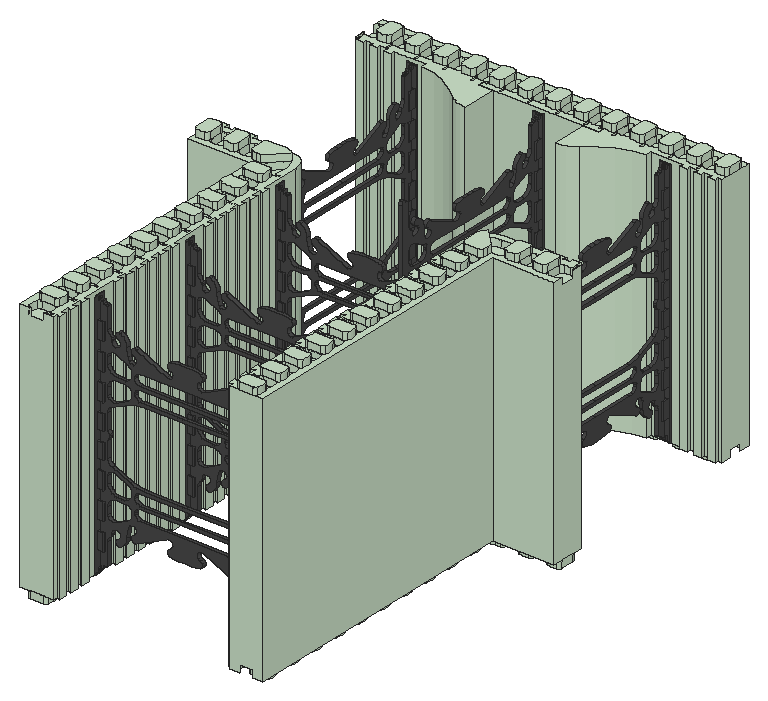
Revit family
Reference planes
  plane 1 "Center (Front/Back)": y = 0
  plane 2: z = 0
  plane 3 "Center (Left/Right)": x = 0
Forms (mm)
  Extrusion 1, solid, material "NUDURA Expanded Polystyrene Foam Insulation"
    sketch origin (0.001, -0.024, 0) x (1, 0, 0) y (0, 1, 0)
      loop
        line (-254, 142.875) -> (-254, 82.55) -> (-246.858, 82.55) -> (-248.442, 76.2) -> (-234.158, 76.2) -> (-235.742, 82.55) -> (-221.458, 82.55) -> (-223.042, 76.2) -> (-208.758, 76.2) -> (-210.342, 82.55) -> (-196.058, 82.55) -> (-197.642, 76.2) -> (-183.358, 76.2) -> (-184.942, 82.55) -> (-127, 82.55) -> (-127, 73.025)
        arc (-127, 73.025) -> (-79.325, 60.317) -> (-38.333, 32.857) r 150.316
        arc (-38.333, 32.857) -> (-23.189, 23.014) -> (-5.558, 19.091) r 50.8
        line (-5.558, 19.091) -> (-5.558, 82.55) -> (-31.75, 82.55) -> (-31.75, 93.946) -> (-25.4, 92.363) -> (-25.4, 107.78) -> (-31.75, 106.079) -> (-31.75, 119.346) -> (-25.4, 117.763) -> (-25.4, 133.18) -> (-31.75, 131.479) -> (-31.75, 142.875) -> (-254, 142.875)
      loop
        line (406.4, 82.55) -> (406.4, 142.875) -> (184.15, 142.875) -> (184.15, 131.479) -> (177.8, 133.18) -> (177.8, 117.763) -> (184.15, 119.346) -> (184.15, 106.079) -> (177.8, 107.78) -> (177.8, 92.363) -> (184.15, 93.946) -> (184.15, 82.55) -> (157.958, 82.55) -> (157.958, 19.091)
        arc (157.958, 19.091) -> (175.589, 23.014) -> (190.733, 32.857) r 50.8
        arc (190.733, 32.857) -> (231.725, 60.317) -> (279.4, 73.025) r 150.316
        line (279.4, 73.025) -> (279.4, 82.55) -> (337.342, 82.55) -> (335.758, 76.2) -> (350.042, 76.2) -> (348.458, 82.55) -> (362.742, 82.55) -> (361.158, 76.2) -> (375.442, 76.2) -> (373.858, 82.55) -> (388.142, 82.55) -> (386.558, 76.2) -> (400.842, 76.2) -> (399.258, 82.55) -> (406.4, 82.55)
      loop
        line (-82.55, -812.8) -> (-82.55, -805.658) -> (-76.2, -807.241) -> (-76.2, -792.958) -> (-82.55, -794.541) -> (-82.55, -780.258) -> (-76.2, -781.841) -> (-76.2, -767.558) -> (-82.55, -769.141) -> (-82.55, -754.858) -> (-76.2, -756.441) -> (-76.2, -742.158) -> (-82.55, -743.741) -> (-82.55, -678.658) -> (-76.2, -680.241) -> (-76.2, -665.958) -> (-82.55, -667.541) -> (-82.55, -653.258) -> (-76.2, -654.841) -> (-76.2, -640.558) -> (-82.55, -642.141) -> (-82.55, -627.858) -> (-76.2, -629.441) -> (-76.2, -615.158) -> (-82.55, -616.741) -> (-82.55, -602.458) -> (-76.2, -604.041) -> (-76.2, -589.758) -> (-82.55, -591.341) -> (-82.55, -577.058) -> (-76.2, -578.641) -> (-76.2, -564.358) -> (-82.55, -565.941) -> (-82.55, -551.658) -> (-76.2, -553.241) -> (-76.2, -538.958) -> (-82.55, -540.541) -> (-82.55, -475.458) -> (-76.2, -477.041) -> (-76.2, -462.758) -> (-82.55, -464.341) -> (-82.55, -450.058) -> (-76.2, -451.641) -> (-76.2, -437.358) -> (-82.55, -438.941) -> (-82.55, -424.658) -> (-76.2, -426.241) -> (-76.2, -411.958) -> (-82.55, -413.541) -> (-82.55, -399.258) -> (-76.2, -400.841) -> (-76.2, -386.558) -> (-82.55, -388.141) -> (-82.55, -373.858) -> (-76.2, -375.441) -> (-76.2, -361.158) -> (-82.55, -362.741) -> (-82.55, -348.458) -> (-76.2, -350.041) -> (-76.2, -335.758) -> (-82.55, -337.341) -> (-82.55, -266.7)
        arc (-82.55, -266.7) -> (-91.849, -244.249) -> (-114.3, -234.95) r 31.75
        line (-114.3, -234.95) -> (-184.942, -234.95) -> (-183.358, -228.6) -> (-197.642, -228.6) -> (-196.058, -234.95) -> (-210.342, -234.95) -> (-208.758, -228.6) -> (-223.042, -228.6) -> (-221.458, -234.95) -> (-235.742, -234.95) -> (-234.158, -228.6) -> (-248.442, -228.6) -> (-246.858, -234.95) -> (-254, -234.95) -> (-254, -295.275) -> (-142.875, -295.275) -> (-142.875, -812.8) -> (-82.55, -812.8)
      loop
        line (234.95, -812.8) -> (295.275, -812.8) -> (295.275, -295.275) -> (406.4, -295.275) -> (406.4, -234.95) -> (399.258, -234.95) -> (400.842, -228.6) -> (386.558, -228.6) -> (388.142, -234.95) -> (373.858, -234.95) -> (375.442, -228.6) -> (361.158, -228.6) -> (362.742, -234.95) -> (348.458, -234.95) -> (350.042, -228.6) -> (335.758, -228.6) -> (337.342, -234.95) -> (266.7, -234.95)
        arc (266.7, -234.95) -> (244.249, -244.249) -> (234.95, -266.7) r 31.75
        line (234.95, -266.7) -> (234.95, -337.341) -> (228.6, -335.758) -> (228.6, -350.041) -> (234.95, -348.458) -> (234.95, -362.741) -> (228.6, -361.158) -> (228.6, -375.441) -> (234.95, -373.858) -> (234.95, -388.141) -> (228.6, -386.558) -> (228.6, -400.841) -> (234.95, -399.258) -> (234.95, -413.541) -> (228.6, -411.958) -> (228.6, -426.241) -> (234.95, -424.658) -> (234.95, -438.941) -> (228.6, -437.358) -> (228.6, -451.641) -> (234.95, -450.058) -> (234.95, -464.341) -> (228.6, -462.758) -> (228.6, -477.041) -> (234.95, -475.458) -> (234.95, -540.541) -> (228.6, -538.958) -> (228.6, -553.241) -> (234.95, -551.658) -> (234.95, -565.941) -> (228.6, -564.358) -> (228.6, -578.641) -> (234.95, -577.058) -> (234.95, -591.341) -> (228.6, -589.758) -> (228.6, -604.041) -> (234.95, -602.458) -> (234.95, -616.741) -> (228.6, -615.158) -> (228.6, -629.441) -> (234.95, -627.858) -> (234.95, -642.141) -> (228.6, -640.558) -> (228.6, -654.841) -> (234.95, -653.258) -> (234.95, -667.541) -> (228.6, -665.958) -> (228.6, -680.241) -> (234.95, -678.658) -> (234.95, -743.741) -> (228.6, -742.158) -> (228.6, -756.441) -> (234.95, -754.858) -> (234.95, -769.141) -> (228.6, -767.558) -> (228.6, -781.841) -> (234.95, -780.258) -> (234.95, -794.541) -> (228.6, -792.958) -> (228.6, -807.241) -> (234.95, -805.658) -> (234.95, -812.8)
    from 0 to 457.2
  Extrusion 2, void
    sketch origin (0.001, -152.424, 0) x (1, 0, 0) y (0, 1, 0)
      loop
        arc (-130.453, -639.396) -> (-131.763, -647.7) -> (-130.453, -656.003) r 26.987
        arc (-130.453, -656.003) -> (-128.147, -659.184) -> (-124.411, -660.4) r 6.35
        line (-124.411, -660.4) -> (-101.014, -660.4)
        arc (-101.014, -660.4) -> (-98.696, -659.961) -> (-96.698, -658.708) r 6.35
        arc (-96.698, -658.708) -> (-96.199, -658.394) -> (-95.62, -658.285) r 1.588
        line (-95.62, -658.285) -> (-86.829, -658.285) -> (-86.829, -653.946) -> (-92.457, -653.946)
        arc (-92.457, -653.946) -> (-93.668, -653.385) -> (-94.024, -652.1) r 1.588
        arc (-94.024, -652.1) -> (-93.737, -645.691) -> (-94.972, -639.396) r 26.988
        arc (-94.972, -639.396) -> (-97.278, -636.215) -> (-101.014, -635) r 6.35
        line (-101.014, -635) -> (-124.411, -635)
        arc (-124.411, -635) -> (-128.147, -636.215) -> (-130.453, -639.396) r 6.35
    from 457.2 to 444.5
  Extrusion 3, void
    sketch origin (0.001, -101.624, 0) x (1, 0, 0) y (0, 1, 0)
      loop
        arc (-130.453, -639.396) -> (-131.763, -647.7) -> (-130.453, -656.003) r 26.987
        arc (-130.453, -656.003) -> (-128.147, -659.184) -> (-124.411, -660.4) r 6.35
        line (-124.411, -660.4) -> (-101.014, -660.4)
        arc (-101.014, -660.4) -> (-98.696, -659.961) -> (-96.698, -658.708) r 6.35
        arc (-96.698, -658.708) -> (-96.199, -658.394) -> (-95.62, -658.285) r 1.588
        line (-95.62, -658.285) -> (-86.829, -658.285) -> (-86.829, -653.946) -> (-92.457, -653.946)
        arc (-92.457, -653.946) -> (-93.668, -653.385) -> (-94.024, -652.1) r 1.588
        arc (-94.024, -652.1) -> (-93.737, -645.691) -> (-94.972, -639.396) r 26.988
        arc (-94.972, -639.396) -> (-97.278, -636.215) -> (-101.014, -635) r 6.35
        line (-101.014, -635) -> (-124.411, -635)
        arc (-124.411, -635) -> (-128.147, -636.215) -> (-130.453, -639.396) r 6.35
    from 457.2 to 444.5
  Extrusion 4, void
    sketch origin (0.001, -50.824, 0) x (1, 0, 0) y (0, 1, 0)
      loop
        arc (-130.453, -639.396) -> (-131.763, -647.7) -> (-130.453, -656.003) r 26.987
        arc (-130.453, -656.003) -> (-128.147, -659.184) -> (-124.411, -660.4) r 6.35
        line (-124.411, -660.4) -> (-101.014, -660.4)
        arc (-101.014, -660.4) -> (-98.696, -659.961) -> (-96.698, -658.708) r 6.35
        arc (-96.698, -658.708) -> (-96.199, -658.394) -> (-95.62, -658.285) r 1.588
        line (-95.62, -658.285) -> (-86.829, -658.285) -> (-86.829, -653.946) -> (-92.457, -653.946)
        arc (-92.457, -653.946) -> (-93.668, -653.385) -> (-94.024, -652.1) r 1.588
        arc (-94.024, -652.1) -> (-93.737, -645.691) -> (-94.972, -639.396) r 26.988
        arc (-94.972, -639.396) -> (-97.278, -636.215) -> (-101.014, -635) r 6.35
        line (-101.014, -635) -> (-124.411, -635)
        arc (-124.411, -635) -> (-128.147, -636.215) -> (-130.453, -639.396) r 6.35
    from 457.2 to 444.5
  Extrusion 5, void
    sketch origin (0.001, -0.024, 0) x (1, 0, 0) y (0, 1, 0)
      loop
        arc (-130.453, -639.396) -> (-131.763, -647.7) -> (-130.453, -656.003) r 26.987
        arc (-130.453, -656.003) -> (-128.147, -659.184) -> (-124.411, -660.4) r 6.35
        line (-124.411, -660.4) -> (-101.014, -660.4)
        arc (-101.014, -660.4) -> (-98.696, -659.961) -> (-96.698, -658.708) r 6.35
        arc (-96.698, -658.708) -> (-96.199, -658.394) -> (-95.62, -658.285) r 1.588
        line (-95.62, -658.285) -> (-86.829, -658.285) -> (-86.829, -653.946) -> (-92.457, -653.946)
        arc (-92.457, -653.946) -> (-93.668, -653.385) -> (-94.024, -652.1) r 1.588
        arc (-94.024, -652.1) -> (-93.737, -645.691) -> (-94.972, -639.396) r 26.988
        arc (-94.972, -639.396) -> (-97.278, -636.215) -> (-101.014, -635) r 6.35
        line (-101.014, -635) -> (-124.411, -635)
        arc (-124.411, -635) -> (-128.147, -636.215) -> (-130.453, -639.396) r 6.35
    from 457.2 to 444.5
  Extrusion 6, void
    sketch origin (0.001, 50.776, 0) x (1, 0, 0) y (0, 1, 0)
      loop
        arc (-130.453, -639.396) -> (-131.763, -647.7) -> (-130.453, -656.003) r 26.987
        arc (-130.453, -656.003) -> (-128.147, -659.184) -> (-124.411, -660.4) r 6.35
        line (-124.411, -660.4) -> (-101.014, -660.4)
        arc (-101.014, -660.4) -> (-98.696, -659.961) -> (-96.698, -658.708) r 6.35
        arc (-96.698, -658.708) -> (-96.199, -658.394) -> (-95.62, -658.285) r 1.588
        line (-95.62, -658.285) -> (-86.829, -658.285) -> (-86.829, -653.946) -> (-92.457, -653.946)
        arc (-92.457, -653.946) -> (-93.668, -653.385) -> (-94.024, -652.1) r 1.588
        arc (-94.024, -652.1) -> (-93.737, -645.691) -> (-94.972, -639.396) r 26.988
        arc (-94.972, -639.396) -> (-97.278, -636.215) -> (-101.014, -635) r 6.35
        line (-101.014, -635) -> (-124.411, -635)
        arc (-124.411, -635) -> (-128.147, -636.215) -> (-130.453, -639.396) r 6.35
    from 457.2 to 444.5
  Extrusion 7, void
    sketch origin (0.001, 101.576, 0) x (1, 0, 0) y (0, 1, 0)
      loop
        arc (-130.453, -639.396) -> (-131.763, -647.7) -> (-130.453, -656.003) r 26.987
        arc (-130.453, -656.003) -> (-128.147, -659.184) -> (-124.411, -660.4) r 6.35
        line (-124.411, -660.4) -> (-101.014, -660.4)
        arc (-101.014, -660.4) -> (-98.696, -659.961) -> (-96.698, -658.708) r 6.35
        arc (-96.698, -658.708) -> (-96.199, -658.394) -> (-95.62, -658.285) r 1.588
        line (-95.62, -658.285) -> (-86.829, -658.285) -> (-86.829, -653.946) -> (-92.457, -653.946)
        arc (-92.457, -653.946) -> (-93.668, -653.385) -> (-94.024, -652.1) r 1.588
        arc (-94.024, -652.1) -> (-93.737, -645.691) -> (-94.972, -639.396) r 26.988
        arc (-94.972, -639.396) -> (-97.278, -636.215) -> (-101.014, -635) r 6.35
        line (-101.014, -635) -> (-124.411, -635)
        arc (-124.411, -635) -> (-128.147, -636.215) -> (-130.453, -639.396) r 6.35
    from 457.2 to 444.5
  Extrusion 8, void
    sketch origin (0.001, 152.376, 0) x (1, 0, 0) y (0, 1, 0)
      loop
        arc (-130.453, -639.396) -> (-131.763, -647.7) -> (-130.453, -656.003) r 26.987
        arc (-130.453, -656.003) -> (-128.147, -659.184) -> (-124.411, -660.4) r 6.35
        line (-124.411, -660.4) -> (-101.014, -660.4)
        arc (-101.014, -660.4) -> (-98.696, -659.961) -> (-96.698, -658.708) r 6.35
        arc (-96.698, -658.708) -> (-96.199, -658.394) -> (-95.62, -658.285) r 1.588
        line (-95.62, -658.285) -> (-86.829, -658.285) -> (-86.829, -653.946) -> (-92.457, -653.946)
        arc (-92.457, -653.946) -> (-93.668, -653.385) -> (-94.024, -652.1) r 1.588
        arc (-94.024, -652.1) -> (-93.737, -645.691) -> (-94.972, -639.396) r 26.988
        arc (-94.972, -639.396) -> (-97.278, -636.215) -> (-101.014, -635) r 6.35
        line (-101.014, -635) -> (-124.411, -635)
        arc (-124.411, -635) -> (-128.147, -636.215) -> (-130.453, -639.396) r 6.35
    from 457.2 to 444.5
  Extrusion 9, void
    sketch origin (0.001, 203.176, 0) x (1, 0, 0) y (0, 1, 0)
      loop
        arc (-130.453, -639.396) -> (-131.763, -647.7) -> (-130.453, -656.003) r 26.987
        arc (-130.453, -656.003) -> (-128.147, -659.184) -> (-124.411, -660.4) r 6.35
        line (-124.411, -660.4) -> (-101.014, -660.4)
        arc (-101.014, -660.4) -> (-98.696, -659.961) -> (-96.698, -658.708) r 6.35
        arc (-96.698, -658.708) -> (-96.199, -658.394) -> (-95.62, -658.285) r 1.588
        line (-95.62, -658.285) -> (-86.829, -658.285) -> (-86.829, -653.946) -> (-92.457, -653.946)
        arc (-92.457, -653.946) -> (-93.668, -653.385) -> (-94.024, -652.1) r 1.588
        arc (-94.024, -652.1) -> (-93.737, -645.691) -> (-94.972, -639.396) r 26.988
        arc (-94.972, -639.396) -> (-97.278, -636.215) -> (-101.014, -635) r 6.35
        line (-101.014, -635) -> (-124.411, -635)
        arc (-124.411, -635) -> (-128.147, -636.215) -> (-130.453, -639.396) r 6.35
    from 457.2 to 444.5
  Extrusion 10, void
    sketch origin (0.001, 253.976, 0) x (1, 0, 0) y (0, 1, 0)
      loop
        arc (-130.453, -639.396) -> (-131.763, -647.7) -> (-130.453, -656.003) r 26.987
        arc (-130.453, -656.003) -> (-128.147, -659.184) -> (-124.411, -660.4) r 6.35
        line (-124.411, -660.4) -> (-101.014, -660.4)
        arc (-101.014, -660.4) -> (-98.696, -659.961) -> (-96.698, -658.708) r 6.35
        arc (-96.698, -658.708) -> (-96.199, -658.394) -> (-95.62, -658.285) r 1.588
        line (-95.62, -658.285) -> (-86.829, -658.285) -> (-86.829, -653.946) -> (-92.457, -653.946)
        arc (-92.457, -653.946) -> (-93.668, -653.385) -> (-94.024, -652.1) r 1.588
        arc (-94.024, -652.1) -> (-93.737, -645.691) -> (-94.972, -639.396) r 26.988
        arc (-94.972, -639.396) -> (-97.278, -636.215) -> (-101.014, -635) r 6.35
        line (-101.014, -635) -> (-124.411, -635)
        arc (-124.411, -635) -> (-128.147, -636.215) -> (-130.453, -639.396) r 6.35
    from 457.2 to 444.5
  Extrusion 11, void
    sketch origin (0.001, 304.776, 0) x (1, 0, 0) y (0, 1, 0)
      loop
        arc (-130.453, -639.396) -> (-131.763, -647.7) -> (-130.453, -656.003) r 26.987
        arc (-130.453, -656.003) -> (-128.147, -659.184) -> (-124.411, -660.4) r 6.35
        line (-124.411, -660.4) -> (-101.014, -660.4)
        arc (-101.014, -660.4) -> (-98.696, -659.961) -> (-96.698, -658.708) r 6.35
        arc (-96.698, -658.708) -> (-96.199, -658.394) -> (-95.62, -658.285) r 1.588
        line (-95.62, -658.285) -> (-86.829, -658.285) -> (-86.829, -653.946) -> (-92.457, -653.946)
        arc (-92.457, -653.946) -> (-93.668, -653.385) -> (-94.024, -652.1) r 1.588
        arc (-94.024, -652.1) -> (-93.737, -645.691) -> (-94.972, -639.396) r 26.988
        arc (-94.972, -639.396) -> (-97.278, -636.215) -> (-101.014, -635) r 6.35
        line (-101.014, -635) -> (-124.411, -635)
        arc (-124.411, -635) -> (-128.147, -636.215) -> (-130.453, -639.396) r 6.35
    from 457.2 to 444.5
  Extrusion 12, void
    sketch origin (0.001, -152.424, 0) x (1, 0, 0) y (0, 1, 0)
      loop
        line (-131.763, -131.762) -> (-131.763, -139.7)
        arc (-131.763, -139.7) -> (-131.433, -143.903) -> (-130.453, -148.003) r 26.987
        arc (-130.453, -148.003) -> (-128.147, -151.184) -> (-124.411, -152.4) r 6.35
        line (-124.411, -152.4) -> (-101.014, -152.4)
        arc (-101.014, -152.4) -> (-98.696, -151.961) -> (-96.698, -150.708) r 6.35
        arc (-96.698, -150.708) -> (-96.199, -150.394) -> (-95.62, -150.285) r 1.588
        line (-95.62, -150.285) -> (-86.829, -150.285) -> (-86.829, -145.946) -> (-92.457, -145.946)
        arc (-92.457, -145.946) -> (-93.668, -145.385) -> (-94.024, -144.1) r 1.588
        arc (-94.024, -144.1) -> (-93.753, -141.907) -> (-93.663, -139.7) r 26.987
        line (-93.663, -139.7) -> (-93.663, -119.062)
        arc (-93.663, -119.062) -> (-95.596, -109.342) -> (-101.102, -101.102) r 25.4
        line (-101.102, -101.102) -> (-131.763, -131.762)
    from 457.2 to 444.5
  Extrusion 13, void
    sketch origin (-812.798, -152.423, 0) x (0, 1, 0) y (-1, 0, 0)
      loop
        arc (-130.453, -639.396) -> (-131.763, -647.7) -> (-130.453, -656.003) r 26.987
        arc (-130.453, -656.003) -> (-128.147, -659.184) -> (-124.411, -660.4) r 6.35
        line (-124.411, -660.4) -> (-101.014, -660.4)
        arc (-101.014, -660.4) -> (-98.696, -659.961) -> (-96.698, -658.708) r 6.35
        arc (-96.698, -658.708) -> (-96.199, -658.394) -> (-95.62, -658.285) r 1.588
        line (-95.62, -658.285) -> (-86.829, -658.285) -> (-86.829, -653.946) -> (-92.457, -653.946)
        arc (-92.457, -653.946) -> (-93.668, -653.385) -> (-94.024, -652.1) r 1.588
        arc (-94.024, -652.1) -> (-93.737, -645.691) -> (-94.972, -639.396) r 26.988
        arc (-94.972, -639.396) -> (-97.278, -636.215) -> (-101.014, -635) r 6.35
        line (-101.014, -635) -> (-124.411, -635)
        arc (-124.411, -635) -> (-128.147, -636.215) -> (-130.453, -639.396) r 6.35
    from 457.2 to 444.5
  Extrusion 14, void
    sketch origin (-863.598, -152.423, 0) x (0, 1, 0) y (-1, 0, 0)
      loop
        arc (-130.453, -639.396) -> (-131.763, -647.7) -> (-130.453, -656.003) r 26.987
        arc (-130.453, -656.003) -> (-128.147, -659.184) -> (-124.411, -660.4) r 6.35
        line (-124.411, -660.4) -> (-101.014, -660.4)
        arc (-101.014, -660.4) -> (-98.696, -659.961) -> (-96.698, -658.708) r 6.35
        arc (-96.698, -658.708) -> (-96.199, -658.394) -> (-95.62, -658.285) r 1.588
        line (-95.62, -658.285) -> (-86.829, -658.285) -> (-86.829, -653.946) -> (-92.457, -653.946)
        arc (-92.457, -653.946) -> (-93.668, -653.385) -> (-94.024, -652.1) r 1.588
        arc (-94.024, -652.1) -> (-93.737, -645.691) -> (-94.972, -639.396) r 26.988
        arc (-94.972, -639.396) -> (-97.278, -636.215) -> (-101.014, -635) r 6.35
        line (-101.014, -635) -> (-124.411, -635)
        arc (-124.411, -635) -> (-128.147, -636.215) -> (-130.453, -639.396) r 6.35
    from 457.2 to 444.5
  Extrusion 15, void
    sketch origin (0.001, -1422.423, 0) x (1, 0, 0) y (0, 1, 0)
      loop
        arc (-130.453, 639.396) -> (-128.147, 636.215) -> (-124.411, 635) r 6.35
        line (-124.411, 635) -> (-101.014, 635)
        arc (-101.014, 635) -> (-97.278, 636.215) -> (-94.972, 639.396) r 6.35
        arc (-94.972, 639.396) -> (-93.737, 645.691) -> (-94.024, 652.1) r 26.988
        arc (-94.024, 652.1) -> (-93.668, 653.385) -> (-92.457, 653.946) r 1.588
        line (-92.457, 653.946) -> (-86.829, 653.946) -> (-86.829, 658.285) -> (-95.62, 658.285)
        arc (-95.62, 658.285) -> (-96.199, 658.394) -> (-96.698, 658.708) r 1.588
        arc (-96.698, 658.708) -> (-98.696, 659.961) -> (-101.014, 660.4) r 6.35
        line (-101.014, 660.4) -> (-124.411, 660.4)
        arc (-124.411, 660.4) -> (-128.147, 659.184) -> (-130.453, 656.003) r 6.35
        arc (-130.453, 656.003) -> (-131.763, 647.7) -> (-130.453, 639.396) r 26.987
    from 0 to 12.7
  Extrusion 16, void
    sketch origin (0.001, -1371.623, 0) x (1, 0, 0) y (0, 1, 0)
      loop
        arc (-130.453, 639.396) -> (-128.147, 636.215) -> (-124.411, 635) r 6.35
        line (-124.411, 635) -> (-101.014, 635)
        arc (-101.014, 635) -> (-97.278, 636.215) -> (-94.972, 639.396) r 6.35
        arc (-94.972, 639.396) -> (-93.737, 645.691) -> (-94.024, 652.1) r 26.988
        arc (-94.024, 652.1) -> (-93.668, 653.385) -> (-92.457, 653.946) r 1.588
        line (-92.457, 653.946) -> (-86.829, 653.946) -> (-86.829, 658.285) -> (-95.62, 658.285)
        arc (-95.62, 658.285) -> (-96.199, 658.394) -> (-96.698, 658.708) r 1.588
        arc (-96.698, 658.708) -> (-98.696, 659.961) -> (-101.014, 660.4) r 6.35
        line (-101.014, 660.4) -> (-124.411, 660.4)
        arc (-124.411, 660.4) -> (-128.147, 659.184) -> (-130.453, 656.003) r 6.35
        arc (-130.453, 656.003) -> (-131.763, 647.7) -> (-130.453, 639.396) r 26.987
    from 0 to 12.7
  Extrusion 17, void
    sketch origin (0.001, -1320.823, 0) x (1, 0, 0) y (0, 1, 0)
      loop
        arc (-130.453, 639.396) -> (-128.147, 636.215) -> (-124.411, 635) r 6.35
        line (-124.411, 635) -> (-101.014, 635)
        arc (-101.014, 635) -> (-97.278, 636.215) -> (-94.972, 639.396) r 6.35
        arc (-94.972, 639.396) -> (-93.737, 645.691) -> (-94.024, 652.1) r 26.988
        arc (-94.024, 652.1) -> (-93.668, 653.385) -> (-92.457, 653.946) r 1.588
        line (-92.457, 653.946) -> (-86.829, 653.946) -> (-86.829, 658.285) -> (-95.62, 658.285)
        arc (-95.62, 658.285) -> (-96.199, 658.394) -> (-96.698, 658.708) r 1.588
        arc (-96.698, 658.708) -> (-98.696, 659.961) -> (-101.014, 660.4) r 6.35
        line (-101.014, 660.4) -> (-124.411, 660.4)
        arc (-124.411, 660.4) -> (-128.147, 659.184) -> (-130.453, 656.003) r 6.35
        arc (-130.453, 656.003) -> (-131.763, 647.7) -> (-130.453, 639.396) r 26.987
    from 0 to 12.7
  Extrusion 18, void
    sketch origin (0.001, -1270.023, 0) x (1, 0, 0) y (0, 1, 0)
      loop
        arc (-130.453, 639.396) -> (-128.147, 636.215) -> (-124.411, 635) r 6.35
        line (-124.411, 635) -> (-101.014, 635)
        arc (-101.014, 635) -> (-97.278, 636.215) -> (-94.972, 639.396) r 6.35
        arc (-94.972, 639.396) -> (-93.737, 645.691) -> (-94.024, 652.1) r 26.988
        arc (-94.024, 652.1) -> (-93.668, 653.385) -> (-92.457, 653.946) r 1.588
        line (-92.457, 653.946) -> (-86.829, 653.946) -> (-86.829, 658.285) -> (-95.62, 658.285)
        arc (-95.62, 658.285) -> (-96.199, 658.394) -> (-96.698, 658.708) r 1.588
        arc (-96.698, 658.708) -> (-98.696, 659.961) -> (-101.014, 660.4) r 6.35
        line (-101.014, 660.4) -> (-124.411, 660.4)
        arc (-124.411, 660.4) -> (-128.147, 659.184) -> (-130.453, 656.003) r 6.35
        arc (-130.453, 656.003) -> (-131.763, 647.7) -> (-130.453, 639.396) r 26.987
    from 0 to 12.7
  Extrusion 19, void
    sketch origin (0.001, -1219.223, 0) x (1, 0, 0) y (0, 1, 0)
      loop
        arc (-130.453, 639.396) -> (-128.147, 636.215) -> (-124.411, 635) r 6.35
        line (-124.411, 635) -> (-101.014, 635)
        arc (-101.014, 635) -> (-97.278, 636.215) -> (-94.972, 639.396) r 6.35
        arc (-94.972, 639.396) -> (-93.737, 645.691) -> (-94.024, 652.1) r 26.988
        arc (-94.024, 652.1) -> (-93.668, 653.385) -> (-92.457, 653.946) r 1.588
        line (-92.457, 653.946) -> (-86.829, 653.946) -> (-86.829, 658.285) -> (-95.62, 658.285)
        arc (-95.62, 658.285) -> (-96.199, 658.394) -> (-96.698, 658.708) r 1.588
        arc (-96.698, 658.708) -> (-98.696, 659.961) -> (-101.014, 660.4) r 6.35
        line (-101.014, 660.4) -> (-124.411, 660.4)
        arc (-124.411, 660.4) -> (-128.147, 659.184) -> (-130.453, 656.003) r 6.35
        arc (-130.453, 656.003) -> (-131.763, 647.7) -> (-130.453, 639.396) r 26.987
    from 0 to 12.7
  Extrusion 20, void
    sketch origin (0.001, -1168.423, 0) x (1, 0, 0) y (0, 1, 0)
      loop
        arc (-130.453, 639.396) -> (-128.147, 636.215) -> (-124.411, 635) r 6.35
        line (-124.411, 635) -> (-101.014, 635)
        arc (-101.014, 635) -> (-97.278, 636.215) -> (-94.972, 639.396) r 6.35
        arc (-94.972, 639.396) -> (-93.737, 645.691) -> (-94.024, 652.1) r 26.988
        arc (-94.024, 652.1) -> (-93.668, 653.385) -> (-92.457, 653.946) r 1.588
        line (-92.457, 653.946) -> (-86.829, 653.946) -> (-86.829, 658.285) -> (-95.62, 658.285)
        arc (-95.62, 658.285) -> (-96.199, 658.394) -> (-96.698, 658.708) r 1.588
        arc (-96.698, 658.708) -> (-98.696, 659.961) -> (-101.014, 660.4) r 6.35
        line (-101.014, 660.4) -> (-124.411, 660.4)
        arc (-124.411, 660.4) -> (-128.147, 659.184) -> (-130.453, 656.003) r 6.35
        arc (-130.453, 656.003) -> (-131.763, 647.7) -> (-130.453, 639.396) r 26.987
    from 0 to 12.7
  Extrusion 21, void
    sketch origin (0.001, -1117.623, 0) x (1, 0, 0) y (0, 1, 0)
      loop
        arc (-130.453, 639.396) -> (-128.147, 636.215) -> (-124.411, 635) r 6.35
        line (-124.411, 635) -> (-101.014, 635)
        arc (-101.014, 635) -> (-97.278, 636.215) -> (-94.972, 639.396) r 6.35
        arc (-94.972, 639.396) -> (-93.737, 645.691) -> (-94.024, 652.1) r 26.988
        arc (-94.024, 652.1) -> (-93.668, 653.385) -> (-92.457, 653.946) r 1.588
        line (-92.457, 653.946) -> (-86.829, 653.946) -> (-86.829, 658.285) -> (-95.62, 658.285)
        arc (-95.62, 658.285) -> (-96.199, 658.394) -> (-96.698, 658.708) r 1.588
        arc (-96.698, 658.708) -> (-98.696, 659.961) -> (-101.014, 660.4) r 6.35
        line (-101.014, 660.4) -> (-124.411, 660.4)
        arc (-124.411, 660.4) -> (-128.147, 659.184) -> (-130.453, 656.003) r 6.35
        arc (-130.453, 656.003) -> (-131.763, 647.7) -> (-130.453, 639.396) r 26.987
    from 0 to 12.7
  Extrusion 22, void
    sketch origin (0.001, -1066.823, 0) x (1, 0, 0) y (0, 1, 0)
      loop
        arc (-130.453, 639.396) -> (-128.147, 636.215) -> (-124.411, 635) r 6.35
        line (-124.411, 635) -> (-101.014, 635)
        arc (-101.014, 635) -> (-97.278, 636.215) -> (-94.972, 639.396) r 6.35
        arc (-94.972, 639.396) -> (-93.737, 645.691) -> (-94.024, 652.1) r 26.988
        arc (-94.024, 652.1) -> (-93.668, 653.385) -> (-92.457, 653.946) r 1.588
        line (-92.457, 653.946) -> (-86.829, 653.946) -> (-86.829, 658.285) -> (-95.62, 658.285)
        arc (-95.62, 658.285) -> (-96.199, 658.394) -> (-96.698, 658.708) r 1.588
        arc (-96.698, 658.708) -> (-98.696, 659.961) -> (-101.014, 660.4) r 6.35
        line (-101.014, 660.4) -> (-124.411, 660.4)
        arc (-124.411, 660.4) -> (-128.147, 659.184) -> (-130.453, 656.003) r 6.35
        arc (-130.453, 656.003) -> (-131.763, 647.7) -> (-130.453, 639.396) r 26.987
    from 0 to 12.7
  Extrusion 23, void
    sketch origin (0.001, -1016.023, 0) x (1, 0, 0) y (0, 1, 0)
      loop
        arc (-130.453, 639.396) -> (-128.147, 636.215) -> (-124.411, 635) r 6.35
        line (-124.411, 635) -> (-101.014, 635)
        arc (-101.014, 635) -> (-97.278, 636.215) -> (-94.972, 639.396) r 6.35
        arc (-94.972, 639.396) -> (-93.737, 645.691) -> (-94.024, 652.1) r 26.988
        arc (-94.024, 652.1) -> (-93.668, 653.385) -> (-92.457, 653.946) r 1.588
        line (-92.457, 653.946) -> (-86.829, 653.946) -> (-86.829, 658.285) -> (-95.62, 658.285)
        arc (-95.62, 658.285) -> (-96.199, 658.394) -> (-96.698, 658.708) r 1.588
        arc (-96.698, 658.708) -> (-98.696, 659.961) -> (-101.014, 660.4) r 6.35
        line (-101.014, 660.4) -> (-124.411, 660.4)
        arc (-124.411, 660.4) -> (-128.147, 659.184) -> (-130.453, 656.003) r 6.35
        arc (-130.453, 656.003) -> (-131.763, 647.7) -> (-130.453, 639.396) r 26.987
    from 0 to 12.7
  Extrusion 24, void
    sketch origin (0.001, -965.223, 0) x (1, 0, 0) y (0, 1, 0)
      loop
        arc (-130.453, 639.396) -> (-128.147, 636.215) -> (-124.411, 635) r 6.35
        line (-124.411, 635) -> (-101.014, 635)
        arc (-101.014, 635) -> (-97.278, 636.215) -> (-94.972, 639.396) r 6.35
        arc (-94.972, 639.396) -> (-93.737, 645.691) -> (-94.024, 652.1) r 26.988
        arc (-94.024, 652.1) -> (-93.668, 653.385) -> (-92.457, 653.946) r 1.588
        line (-92.457, 653.946) -> (-86.829, 653.946) -> (-86.829, 658.285) -> (-95.62, 658.285)
        arc (-95.62, 658.285) -> (-96.199, 658.394) -> (-96.698, 658.708) r 1.588
        arc (-96.698, 658.708) -> (-98.696, 659.961) -> (-101.014, 660.4) r 6.35
        line (-101.014, 660.4) -> (-124.411, 660.4)
        arc (-124.411, 660.4) -> (-128.147, 659.184) -> (-130.453, 656.003) r 6.35
        arc (-130.453, 656.003) -> (-131.763, 647.7) -> (-130.453, 639.396) r 26.987
    from 0 to 12.7
  Extrusion 25, void
    sketch origin (0.001, -152.423, 0) x (0, 1, 0) y (-1, 0, 0)
      loop
        line (-131.763, 131.762) -> (-101.102, 101.102)
        arc (-101.102, 101.102) -> (-95.596, 109.342) -> (-93.663, 119.062) r 25.4
        line (-93.663, 119.062) -> (-93.663, 139.7)
        arc (-93.663, 139.7) -> (-93.753, 141.907) -> (-94.024, 144.1) r 26.987
        arc (-94.024, 144.1) -> (-93.668, 145.385) -> (-92.457, 145.946) r 1.588
        line (-92.457, 145.946) -> (-86.829, 145.946) -> (-86.829, 150.285) -> (-95.62, 150.285)
        arc (-95.62, 150.285) -> (-96.199, 150.394) -> (-96.698, 150.708) r 1.588
        arc (-96.698, 150.708) -> (-98.696, 151.961) -> (-101.014, 152.4) r 6.35
        line (-101.014, 152.4) -> (-124.411, 152.4)
        arc (-124.411, 152.4) -> (-128.147, 151.184) -> (-130.453, 148.003) r 6.35
        arc (-130.453, 148.003) -> (-131.433, 143.903) -> (-131.763, 139.7) r 26.987
        line (-131.763, 139.7) -> (-131.763, 131.762)
    from 0 to 12.7
  Extrusion 26, void
    sketch origin (457.201, -152.423, 0) x (0, 1, 0) y (-1, 0, 0)
      loop
        arc (-130.453, 639.396) -> (-128.147, 636.215) -> (-124.411, 635) r 6.35
        line (-124.411, 635) -> (-101.014, 635)
        arc (-101.014, 635) -> (-97.278, 636.215) -> (-94.972, 639.396) r 6.35
        arc (-94.972, 639.396) -> (-93.737, 645.691) -> (-94.024, 652.1) r 26.988
        arc (-94.024, 652.1) -> (-93.668, 653.385) -> (-92.457, 653.946) r 1.588
        line (-92.457, 653.946) -> (-86.829, 653.946) -> (-86.829, 658.285) -> (-95.62, 658.285)
        arc (-95.62, 658.285) -> (-96.199, 658.394) -> (-96.698, 658.708) r 1.588
        arc (-96.698, 658.708) -> (-98.696, 659.961) -> (-101.014, 660.4) r 6.35
        line (-101.014, 660.4) -> (-124.411, 660.4)
        arc (-124.411, 660.4) -> (-128.147, 659.184) -> (-130.453, 656.003) r 6.35
        arc (-130.453, 656.003) -> (-131.763, 647.7) -> (-130.453, 639.396) r 26.987
    from 0 to 12.7
  Extrusion 27, void
    sketch origin (406.401, -152.423, 0) x (0, 1, 0) y (-1, 0, 0)
      loop
        arc (-130.453, 639.396) -> (-128.147, 636.215) -> (-124.411, 635) r 6.35
        line (-124.411, 635) -> (-101.014, 635)
        arc (-101.014, 635) -> (-97.278, 636.215) -> (-94.972, 639.396) r 6.35
        arc (-94.972, 639.396) -> (-93.737, 645.691) -> (-94.024, 652.1) r 26.988
        arc (-94.024, 652.1) -> (-93.668, 653.385) -> (-92.457, 653.946) r 1.588
        line (-92.457, 653.946) -> (-86.829, 653.946) -> (-86.829, 658.285) -> (-95.62, 658.285)
        arc (-95.62, 658.285) -> (-96.199, 658.394) -> (-96.698, 658.708) r 1.588
        arc (-96.698, 658.708) -> (-98.696, 659.961) -> (-101.014, 660.4) r 6.35
        line (-101.014, 660.4) -> (-124.411, 660.4)
        arc (-124.411, 660.4) -> (-128.147, 659.184) -> (-130.453, 656.003) r 6.35
        arc (-130.453, 656.003) -> (-131.763, 647.7) -> (-130.453, 639.396) r 26.987
    from 0 to 12.7
  Extrusion 28, void
    sketch origin (152.401, -1422.423, 0) x (-1, 0, 0) y (0, -1, 0)
      loop
        arc (-130.453, -639.396) -> (-131.763, -647.7) -> (-130.453, -656.003) r 26.987
        arc (-130.453, -656.003) -> (-128.147, -659.184) -> (-124.411, -660.4) r 6.35
        line (-124.411, -660.4) -> (-101.014, -660.4)
        arc (-101.014, -660.4) -> (-98.696, -659.961) -> (-96.698, -658.708) r 6.35
        arc (-96.698, -658.708) -> (-96.199, -658.394) -> (-95.62, -658.285) r 1.588
        line (-95.62, -658.285) -> (-86.829, -658.285) -> (-86.829, -653.946) -> (-92.457, -653.946)
        arc (-92.457, -653.946) -> (-93.668, -653.385) -> (-94.024, -652.1) r 1.588
        arc (-94.024, -652.1) -> (-93.737, -645.691) -> (-94.972, -639.396) r 26.988
        arc (-94.972, -639.396) -> (-97.278, -636.215) -> (-101.014, -635) r 6.35
        line (-101.014, -635) -> (-124.411, -635)
        arc (-124.411, -635) -> (-128.147, -636.215) -> (-130.453, -639.396) r 6.35
    from 457.2 to 444.5
  Extrusion 29, void
    sketch origin (152.401, -1371.623, 0) x (-1, 0, 0) y (0, -1, 0)
      loop
        arc (-130.453, -639.396) -> (-131.763, -647.7) -> (-130.453, -656.003) r 26.987
        arc (-130.453, -656.003) -> (-128.147, -659.184) -> (-124.411, -660.4) r 6.35
        line (-124.411, -660.4) -> (-101.014, -660.4)
        arc (-101.014, -660.4) -> (-98.696, -659.961) -> (-96.698, -658.708) r 6.35
        arc (-96.698, -658.708) -> (-96.199, -658.394) -> (-95.62, -658.285) r 1.588
        line (-95.62, -658.285) -> (-86.829, -658.285) -> (-86.829, -653.946) -> (-92.457, -653.946)
        arc (-92.457, -653.946) -> (-93.668, -653.385) -> (-94.024, -652.1) r 1.588
        arc (-94.024, -652.1) -> (-93.737, -645.691) -> (-94.972, -639.396) r 26.988
        arc (-94.972, -639.396) -> (-97.278, -636.215) -> (-101.014, -635) r 6.35
        line (-101.014, -635) -> (-124.411, -635)
        arc (-124.411, -635) -> (-128.147, -636.215) -> (-130.453, -639.396) r 6.35
    from 457.2 to 444.5
  Extrusion 30, void
    sketch origin (152.401, -1320.823, 0) x (-1, 0, 0) y (0, -1, 0)
      loop
        arc (-130.453, -639.396) -> (-131.763, -647.7) -> (-130.453, -656.003) r 26.987
        arc (-130.453, -656.003) -> (-128.147, -659.184) -> (-124.411, -660.4) r 6.35
        line (-124.411, -660.4) -> (-101.014, -660.4)
        arc (-101.014, -660.4) -> (-98.696, -659.961) -> (-96.698, -658.708) r 6.35
        arc (-96.698, -658.708) -> (-96.199, -658.394) -> (-95.62, -658.285) r 1.588
        line (-95.62, -658.285) -> (-86.829, -658.285) -> (-86.829, -653.946) -> (-92.457, -653.946)
        arc (-92.457, -653.946) -> (-93.668, -653.385) -> (-94.024, -652.1) r 1.588
        arc (-94.024, -652.1) -> (-93.737, -645.691) -> (-94.972, -639.396) r 26.988
        arc (-94.972, -639.396) -> (-97.278, -636.215) -> (-101.014, -635) r 6.35
        line (-101.014, -635) -> (-124.411, -635)
        arc (-124.411, -635) -> (-128.147, -636.215) -> (-130.453, -639.396) r 6.35
    from 457.2 to 444.5
  Extrusion 31, void
    sketch origin (152.401, -1270.023, 0) x (-1, 0, 0) y (0, -1, 0)
      loop
        arc (-130.453, -639.396) -> (-131.763, -647.7) -> (-130.453, -656.003) r 26.987
        arc (-130.453, -656.003) -> (-128.147, -659.184) -> (-124.411, -660.4) r 6.35
        line (-124.411, -660.4) -> (-101.014, -660.4)
        arc (-101.014, -660.4) -> (-98.696, -659.961) -> (-96.698, -658.708) r 6.35
        arc (-96.698, -658.708) -> (-96.199, -658.394) -> (-95.62, -658.285) r 1.588
        line (-95.62, -658.285) -> (-86.829, -658.285) -> (-86.829, -653.946) -> (-92.457, -653.946)
        arc (-92.457, -653.946) -> (-93.668, -653.385) -> (-94.024, -652.1) r 1.588
        arc (-94.024, -652.1) -> (-93.737, -645.691) -> (-94.972, -639.396) r 26.988
        arc (-94.972, -639.396) -> (-97.278, -636.215) -> (-101.014, -635) r 6.35
        line (-101.014, -635) -> (-124.411, -635)
        arc (-124.411, -635) -> (-128.147, -636.215) -> (-130.453, -639.396) r 6.35
    from 457.2 to 444.5
  Extrusion 32, void
    sketch origin (152.401, -1219.223, 0) x (-1, 0, 0) y (0, -1, 0)
      loop
        arc (-130.453, -639.396) -> (-131.763, -647.7) -> (-130.453, -656.003) r 26.987
        arc (-130.453, -656.003) -> (-128.147, -659.184) -> (-124.411, -660.4) r 6.35
        line (-124.411, -660.4) -> (-101.014, -660.4)
        arc (-101.014, -660.4) -> (-98.696, -659.961) -> (-96.698, -658.708) r 6.35
        arc (-96.698, -658.708) -> (-96.199, -658.394) -> (-95.62, -658.285) r 1.588
        line (-95.62, -658.285) -> (-86.829, -658.285) -> (-86.829, -653.946) -> (-92.457, -653.946)
        arc (-92.457, -653.946) -> (-93.668, -653.385) -> (-94.024, -652.1) r 1.588
        arc (-94.024, -652.1) -> (-93.737, -645.691) -> (-94.972, -639.396) r 26.988
        arc (-94.972, -639.396) -> (-97.278, -636.215) -> (-101.014, -635) r 6.35
        line (-101.014, -635) -> (-124.411, -635)
        arc (-124.411, -635) -> (-128.147, -636.215) -> (-130.453, -639.396) r 6.35
    from 457.2 to 444.5
  Extrusion 33, void
    sketch origin (152.401, -1168.423, 0) x (-1, 0, 0) y (0, -1, 0)
      loop
        arc (-130.453, -639.396) -> (-131.763, -647.7) -> (-130.453, -656.003) r 26.987
        arc (-130.453, -656.003) -> (-128.147, -659.184) -> (-124.411, -660.4) r 6.35
        line (-124.411, -660.4) -> (-101.014, -660.4)
        arc (-101.014, -660.4) -> (-98.696, -659.961) -> (-96.698, -658.708) r 6.35
        arc (-96.698, -658.708) -> (-96.199, -658.394) -> (-95.62, -658.285) r 1.588
        line (-95.62, -658.285) -> (-86.829, -658.285) -> (-86.829, -653.946) -> (-92.457, -653.946)
        arc (-92.457, -653.946) -> (-93.668, -653.385) -> (-94.024, -652.1) r 1.588
        arc (-94.024, -652.1) -> (-93.737, -645.691) -> (-94.972, -639.396) r 26.988
        arc (-94.972, -639.396) -> (-97.278, -636.215) -> (-101.014, -635) r 6.35
        line (-101.014, -635) -> (-124.411, -635)
        arc (-124.411, -635) -> (-128.147, -636.215) -> (-130.453, -639.396) r 6.35
    from 457.2 to 444.5
  Extrusion 34, void
    sketch origin (152.401, -1117.623, 0) x (-1, 0, 0) y (0, -1, 0)
      loop
        arc (-130.453, -639.396) -> (-131.763, -647.7) -> (-130.453, -656.003) r 26.987
        arc (-130.453, -656.003) -> (-128.147, -659.184) -> (-124.411, -660.4) r 6.35
        line (-124.411, -660.4) -> (-101.014, -660.4)
        arc (-101.014, -660.4) -> (-98.696, -659.961) -> (-96.698, -658.708) r 6.35
        arc (-96.698, -658.708) -> (-96.199, -658.394) -> (-95.62, -658.285) r 1.588
        line (-95.62, -658.285) -> (-86.829, -658.285) -> (-86.829, -653.946) -> (-92.457, -653.946)
        arc (-92.457, -653.946) -> (-93.668, -653.385) -> (-94.024, -652.1) r 1.588
        arc (-94.024, -652.1) -> (-93.737, -645.691) -> (-94.972, -639.396) r 26.988
        arc (-94.972, -639.396) -> (-97.278, -636.215) -> (-101.014, -635) r 6.35
        line (-101.014, -635) -> (-124.411, -635)
        arc (-124.411, -635) -> (-128.147, -636.215) -> (-130.453, -639.396) r 6.35
    from 457.2 to 444.5
  Extrusion 35, void
    sketch origin (152.401, -1066.823, 0) x (-1, 0, 0) y (0, -1, 0)
      loop
        arc (-130.453, -639.396) -> (-131.763, -647.7) -> (-130.453, -656.003) r 26.987
        arc (-130.453, -656.003) -> (-128.147, -659.184) -> (-124.411, -660.4) r 6.35
        line (-124.411, -660.4) -> (-101.014, -660.4)
        arc (-101.014, -660.4) -> (-98.696, -659.961) -> (-96.698, -658.708) r 6.35
        arc (-96.698, -658.708) -> (-96.199, -658.394) -> (-95.62, -658.285) r 1.588
        line (-95.62, -658.285) -> (-86.829, -658.285) -> (-86.829, -653.946) -> (-92.457, -653.946)
        arc (-92.457, -653.946) -> (-93.668, -653.385) -> (-94.024, -652.1) r 1.588
        arc (-94.024, -652.1) -> (-93.737, -645.691) -> (-94.972, -639.396) r 26.988
        arc (-94.972, -639.396) -> (-97.278, -636.215) -> (-101.014, -635) r 6.35
        line (-101.014, -635) -> (-124.411, -635)
        arc (-124.411, -635) -> (-128.147, -636.215) -> (-130.453, -639.396) r 6.35
    from 457.2 to 444.5
  Extrusion 36, void
    sketch origin (152.401, -1016.023, 0) x (-1, 0, 0) y (0, -1, 0)
      loop
        arc (-130.453, -639.396) -> (-131.763, -647.7) -> (-130.453, -656.003) r 26.987
        arc (-130.453, -656.003) -> (-128.147, -659.184) -> (-124.411, -660.4) r 6.35
        line (-124.411, -660.4) -> (-101.014, -660.4)
        arc (-101.014, -660.4) -> (-98.696, -659.961) -> (-96.698, -658.708) r 6.35
        arc (-96.698, -658.708) -> (-96.199, -658.394) -> (-95.62, -658.285) r 1.588
        line (-95.62, -658.285) -> (-86.829, -658.285) -> (-86.829, -653.946) -> (-92.457, -653.946)
        arc (-92.457, -653.946) -> (-93.668, -653.385) -> (-94.024, -652.1) r 1.588
        arc (-94.024, -652.1) -> (-93.737, -645.691) -> (-94.972, -639.396) r 26.988
        arc (-94.972, -639.396) -> (-97.278, -636.215) -> (-101.014, -635) r 6.35
        line (-101.014, -635) -> (-124.411, -635)
        arc (-124.411, -635) -> (-128.147, -636.215) -> (-130.453, -639.396) r 6.35
    from 457.2 to 444.5
  Extrusion 37, void
    sketch origin (152.401, -965.223, 0) x (-1, 0, 0) y (0, -1, 0)
      loop
        arc (-130.453, -639.396) -> (-131.763, -647.7) -> (-130.453, -656.003) r 26.987
        arc (-130.453, -656.003) -> (-128.147, -659.184) -> (-124.411, -660.4) r 6.35
        line (-124.411, -660.4) -> (-101.014, -660.4)
        arc (-101.014, -660.4) -> (-98.696, -659.961) -> (-96.698, -658.708) r 6.35
        arc (-96.698, -658.708) -> (-96.199, -658.394) -> (-95.62, -658.285) r 1.588
        line (-95.62, -658.285) -> (-86.829, -658.285) -> (-86.829, -653.946) -> (-92.457, -653.946)
        arc (-92.457, -653.946) -> (-93.668, -653.385) -> (-94.024, -652.1) r 1.588
        arc (-94.024, -652.1) -> (-93.737, -645.691) -> (-94.972, -639.396) r 26.988
        arc (-94.972, -639.396) -> (-97.278, -636.215) -> (-101.014, -635) r 6.35
        line (-101.014, -635) -> (-124.411, -635)
        arc (-124.411, -635) -> (-128.147, -636.215) -> (-130.453, -639.396) r 6.35
    from 457.2 to 444.5
  Extrusion 38, void
    sketch origin (-304.798, -152.423, 0) x (0, 1, 0) y (-1, 0, 0)
      loop
        arc (-130.453, -639.396) -> (-131.763, -647.7) -> (-130.453, -656.003) r 26.987
        arc (-130.453, -656.003) -> (-128.147, -659.184) -> (-124.411, -660.4) r 6.35
        line (-124.411, -660.4) -> (-101.014, -660.4)
        arc (-101.014, -660.4) -> (-98.696, -659.961) -> (-96.698, -658.708) r 6.35
        arc (-96.698, -658.708) -> (-96.199, -658.394) -> (-95.62, -658.285) r 1.588
        line (-95.62, -658.285) -> (-86.829, -658.285) -> (-86.829, -653.946) -> (-92.457, -653.946)
        arc (-92.457, -653.946) -> (-93.668, -653.385) -> (-94.024, -652.1) r 1.588
        arc (-94.024, -652.1) -> (-93.737, -645.691) -> (-94.972, -639.396) r 26.988
        arc (-94.972, -639.396) -> (-97.278, -636.215) -> (-101.014, -635) r 6.35
        line (-101.014, -635) -> (-124.411, -635)
        arc (-124.411, -635) -> (-128.147, -636.215) -> (-130.453, -639.396) r 6.35
    from 457.2 to 444.5
  Extrusion 39, void
    sketch origin (-253.998, -152.423, 0) x (0, 1, 0) y (-1, 0, 0)
      loop
        arc (-130.453, -639.396) -> (-131.763, -647.7) -> (-130.453, -656.003) r 26.987
        arc (-130.453, -656.003) -> (-128.147, -659.184) -> (-124.411, -660.4) r 6.35
        line (-124.411, -660.4) -> (-101.014, -660.4)
        arc (-101.014, -660.4) -> (-98.696, -659.961) -> (-96.698, -658.708) r 6.35
        arc (-96.698, -658.708) -> (-96.199, -658.394) -> (-95.62, -658.285) r 1.588
        line (-95.62, -658.285) -> (-86.829, -658.285) -> (-86.829, -653.946) -> (-92.457, -653.946)
        arc (-92.457, -653.946) -> (-93.668, -653.385) -> (-94.024, -652.1) r 1.588
        arc (-94.024, -652.1) -> (-93.737, -645.691) -> (-94.972, -639.396) r 26.988
        arc (-94.972, -639.396) -> (-97.278, -636.215) -> (-101.014, -635) r 6.35
        line (-101.014, -635) -> (-124.411, -635)
        arc (-124.411, -635) -> (-128.147, -636.215) -> (-130.453, -639.396) r 6.35
    from 457.2 to 444.5
  Extrusion 40, void
    sketch origin (152.401, -152.424, 0) x (1, 0, 0) y (0, 1, 0)
      loop
        arc (144.1, -94.023) -> (141.907, -93.752) -> (139.7, -93.662) r 26.987
        line (139.7, -93.662) -> (119.063, -93.662)
        arc (119.063, -93.662) -> (109.342, -95.595) -> (101.102, -101.102) r 25.4
        line (101.102, -101.102) -> (131.763, -131.762) -> (139.7, -131.762)
        arc (139.7, -131.762) -> (143.903, -131.433) -> (148.004, -130.453) r 26.988
        arc (148.004, -130.453) -> (151.185, -128.147) -> (152.4, -124.411) r 6.35
        line (152.4, -124.411) -> (152.4, -101.013)
        arc (152.4, -101.013) -> (151.962, -98.696) -> (150.708, -96.698) r 6.35
        arc (150.708, -96.698) -> (150.395, -96.198) -> (150.285, -95.619) r 1.587
        line (150.285, -95.619) -> (150.285, -86.828) -> (145.946, -86.828) -> (145.946, -92.457)
        arc (145.946, -92.457) -> (145.386, -93.667) -> (144.1, -94.023) r 1.588
    from 457.2 to 444.5
  Extrusion 41, void
    sketch origin (152.401, -152.424, 0) x (-1, 0, 0) y (0, -1, 0)
      loop
        arc (-130.453, 639.396) -> (-128.147, 636.215) -> (-124.411, 635) r 6.35
        line (-124.411, 635) -> (-101.014, 635)
        arc (-101.014, 635) -> (-97.278, 636.215) -> (-94.972, 639.396) r 6.35
        arc (-94.972, 639.396) -> (-93.737, 645.691) -> (-94.024, 652.1) r 26.988
        arc (-94.024, 652.1) -> (-93.668, 653.385) -> (-92.457, 653.946) r 1.588
        line (-92.457, 653.946) -> (-86.829, 653.946) -> (-86.829, 658.285) -> (-95.62, 658.285)
        arc (-95.62, 658.285) -> (-96.199, 658.394) -> (-96.698, 658.708) r 1.588
        arc (-96.698, 658.708) -> (-98.696, 659.961) -> (-101.014, 660.4) r 6.35
        line (-101.014, 660.4) -> (-124.411, 660.4)
        arc (-124.411, 660.4) -> (-128.147, 659.184) -> (-130.453, 656.003) r 6.35
        arc (-130.453, 656.003) -> (-131.763, 647.7) -> (-130.453, 639.396) r 26.987
    from 0 to 12.7
  Extrusion 42, void
    sketch origin (152.401, -101.624, 0) x (-1, 0, 0) y (0, -1, 0)
      loop
        arc (-130.453, 639.396) -> (-128.147, 636.215) -> (-124.411, 635) r 6.35
        line (-124.411, 635) -> (-101.014, 635)
        arc (-101.014, 635) -> (-97.278, 636.215) -> (-94.972, 639.396) r 6.35
        arc (-94.972, 639.396) -> (-93.737, 645.691) -> (-94.024, 652.1) r 26.988
        arc (-94.024, 652.1) -> (-93.668, 653.385) -> (-92.457, 653.946) r 1.588
        line (-92.457, 653.946) -> (-86.829, 653.946) -> (-86.829, 658.285) -> (-95.62, 658.285)
        arc (-95.62, 658.285) -> (-96.199, 658.394) -> (-96.698, 658.708) r 1.588
        arc (-96.698, 658.708) -> (-98.696, 659.961) -> (-101.014, 660.4) r 6.35
        line (-101.014, 660.4) -> (-124.411, 660.4)
        arc (-124.411, 660.4) -> (-128.147, 659.184) -> (-130.453, 656.003) r 6.35
        arc (-130.453, 656.003) -> (-131.763, 647.7) -> (-130.453, 639.396) r 26.987
    from 0 to 12.7
  Extrusion 43, void
    sketch origin (152.401, -50.824, 0) x (-1, 0, 0) y (0, -1, 0)
      loop
        arc (-130.453, 639.396) -> (-128.147, 636.215) -> (-124.411, 635) r 6.35
        line (-124.411, 635) -> (-101.014, 635)
        arc (-101.014, 635) -> (-97.278, 636.215) -> (-94.972, 639.396) r 6.35
        arc (-94.972, 639.396) -> (-93.737, 645.691) -> (-94.024, 652.1) r 26.988
        arc (-94.024, 652.1) -> (-93.668, 653.385) -> (-92.457, 653.946) r 1.588
        line (-92.457, 653.946) -> (-86.829, 653.946) -> (-86.829, 658.285) -> (-95.62, 658.285)
        arc (-95.62, 658.285) -> (-96.199, 658.394) -> (-96.698, 658.708) r 1.588
        arc (-96.698, 658.708) -> (-98.696, 659.961) -> (-101.014, 660.4) r 6.35
        line (-101.014, 660.4) -> (-124.411, 660.4)
        arc (-124.411, 660.4) -> (-128.147, 659.184) -> (-130.453, 656.003) r 6.35
        arc (-130.453, 656.003) -> (-131.763, 647.7) -> (-130.453, 639.396) r 26.987
    from 0 to 12.7
  Extrusion 44, void
    sketch origin (152.401, -0.024, 0) x (-1, 0, 0) y (0, -1, 0)
      loop
        arc (-130.453, 639.396) -> (-128.147, 636.215) -> (-124.411, 635) r 6.35
        line (-124.411, 635) -> (-101.014, 635)
        arc (-101.014, 635) -> (-97.278, 636.215) -> (-94.972, 639.396) r 6.35
        arc (-94.972, 639.396) -> (-93.737, 645.691) -> (-94.024, 652.1) r 26.988
        arc (-94.024, 652.1) -> (-93.668, 653.385) -> (-92.457, 653.946) r 1.588
        line (-92.457, 653.946) -> (-86.829, 653.946) -> (-86.829, 658.285) -> (-95.62, 658.285)
        arc (-95.62, 658.285) -> (-96.199, 658.394) -> (-96.698, 658.708) r 1.588
        arc (-96.698, 658.708) -> (-98.696, 659.961) -> (-101.014, 660.4) r 6.35
        line (-101.014, 660.4) -> (-124.411, 660.4)
        arc (-124.411, 660.4) -> (-128.147, 659.184) -> (-130.453, 656.003) r 6.35
        arc (-130.453, 656.003) -> (-131.763, 647.7) -> (-130.453, 639.396) r 26.987
    from 0 to 12.7
  Extrusion 45, void
    sketch origin (152.401, 50.776, 0) x (-1, 0, 0) y (0, -1, 0)
      loop
        arc (-130.453, 639.396) -> (-128.147, 636.215) -> (-124.411, 635) r 6.35
        line (-124.411, 635) -> (-101.014, 635)
        arc (-101.014, 635) -> (-97.278, 636.215) -> (-94.972, 639.396) r 6.35
        arc (-94.972, 639.396) -> (-93.737, 645.691) -> (-94.024, 652.1) r 26.988
        arc (-94.024, 652.1) -> (-93.668, 653.385) -> (-92.457, 653.946) r 1.588
        line (-92.457, 653.946) -> (-86.829, 653.946) -> (-86.829, 658.285) -> (-95.62, 658.285)
        arc (-95.62, 658.285) -> (-96.199, 658.394) -> (-96.698, 658.708) r 1.588
        arc (-96.698, 658.708) -> (-98.696, 659.961) -> (-101.014, 660.4) r 6.35
        line (-101.014, 660.4) -> (-124.411, 660.4)
        arc (-124.411, 660.4) -> (-128.147, 659.184) -> (-130.453, 656.003) r 6.35
        arc (-130.453, 656.003) -> (-131.763, 647.7) -> (-130.453, 639.396) r 26.987
    from 0 to 12.7
  Extrusion 46, void
    sketch origin (152.401, 101.576, 0) x (-1, 0, 0) y (0, -1, 0)
      loop
        arc (-130.453, 639.396) -> (-128.147, 636.215) -> (-124.411, 635) r 6.35
        line (-124.411, 635) -> (-101.014, 635)
        arc (-101.014, 635) -> (-97.278, 636.215) -> (-94.972, 639.396) r 6.35
        arc (-94.972, 639.396) -> (-93.737, 645.691) -> (-94.024, 652.1) r 26.988
        arc (-94.024, 652.1) -> (-93.668, 653.385) -> (-92.457, 653.946) r 1.588
        line (-92.457, 653.946) -> (-86.829, 653.946) -> (-86.829, 658.285) -> (-95.62, 658.285)
        arc (-95.62, 658.285) -> (-96.199, 658.394) -> (-96.698, 658.708) r 1.588
        arc (-96.698, 658.708) -> (-98.696, 659.961) -> (-101.014, 660.4) r 6.35
        line (-101.014, 660.4) -> (-124.411, 660.4)
        arc (-124.411, 660.4) -> (-128.147, 659.184) -> (-130.453, 656.003) r 6.35
        arc (-130.453, 656.003) -> (-131.763, 647.7) -> (-130.453, 639.396) r 26.987
    from 0 to 12.7
  Extrusion 47, void
    sketch origin (152.401, 152.376, 0) x (-1, 0, 0) y (0, -1, 0)
      loop
        arc (-130.453, 639.396) -> (-128.147, 636.215) -> (-124.411, 635) r 6.35
        line (-124.411, 635) -> (-101.014, 635)
        arc (-101.014, 635) -> (-97.278, 636.215) -> (-94.972, 639.396) r 6.35
        arc (-94.972, 639.396) -> (-93.737, 645.691) -> (-94.024, 652.1) r 26.988
        arc (-94.024, 652.1) -> (-93.668, 653.385) -> (-92.457, 653.946) r 1.588
        line (-92.457, 653.946) -> (-86.829, 653.946) -> (-86.829, 658.285) -> (-95.62, 658.285)
        arc (-95.62, 658.285) -> (-96.199, 658.394) -> (-96.698, 658.708) r 1.588
        arc (-96.698, 658.708) -> (-98.696, 659.961) -> (-101.014, 660.4) r 6.35
        line (-101.014, 660.4) -> (-124.411, 660.4)
        arc (-124.411, 660.4) -> (-128.147, 659.184) -> (-130.453, 656.003) r 6.35
        arc (-130.453, 656.003) -> (-131.763, 647.7) -> (-130.453, 639.396) r 26.987
    from 0 to 12.7
  Extrusion 48, void
    sketch origin (152.401, 203.176, 0) x (-1, 0, 0) y (0, -1, 0)
      loop
        arc (-130.453, 639.396) -> (-128.147, 636.215) -> (-124.411, 635) r 6.35
        line (-124.411, 635) -> (-101.014, 635)
        arc (-101.014, 635) -> (-97.278, 636.215) -> (-94.972, 639.396) r 6.35
        arc (-94.972, 639.396) -> (-93.737, 645.691) -> (-94.024, 652.1) r 26.988
        arc (-94.024, 652.1) -> (-93.668, 653.385) -> (-92.457, 653.946) r 1.588
        line (-92.457, 653.946) -> (-86.829, 653.946) -> (-86.829, 658.285) -> (-95.62, 658.285)
        arc (-95.62, 658.285) -> (-96.199, 658.394) -> (-96.698, 658.708) r 1.588
        arc (-96.698, 658.708) -> (-98.696, 659.961) -> (-101.014, 660.4) r 6.35
        line (-101.014, 660.4) -> (-124.411, 660.4)
        arc (-124.411, 660.4) -> (-128.147, 659.184) -> (-130.453, 656.003) r 6.35
        arc (-130.453, 656.003) -> (-131.763, 647.7) -> (-130.453, 639.396) r 26.987
    from 0 to 12.7
  Extrusion 49, void
    sketch origin (152.401, 253.976, 0) x (-1, 0, 0) y (0, -1, 0)
      loop
        arc (-130.453, 639.396) -> (-128.147, 636.215) -> (-124.411, 635) r 6.35
        line (-124.411, 635) -> (-101.014, 635)
        arc (-101.014, 635) -> (-97.278, 636.215) -> (-94.972, 639.396) r 6.35
        arc (-94.972, 639.396) -> (-93.737, 645.691) -> (-94.024, 652.1) r 26.988
        arc (-94.024, 652.1) -> (-93.668, 653.385) -> (-92.457, 653.946) r 1.588
        line (-92.457, 653.946) -> (-86.829, 653.946) -> (-86.829, 658.285) -> (-95.62, 658.285)
        arc (-95.62, 658.285) -> (-96.199, 658.394) -> (-96.698, 658.708) r 1.588
        arc (-96.698, 658.708) -> (-98.696, 659.961) -> (-101.014, 660.4) r 6.35
        line (-101.014, 660.4) -> (-124.411, 660.4)
        arc (-124.411, 660.4) -> (-128.147, 659.184) -> (-130.453, 656.003) r 6.35
        arc (-130.453, 656.003) -> (-131.763, 647.7) -> (-130.453, 639.396) r 26.987
    from 0 to 12.7
  Extrusion 50, void
    sketch origin (152.401, 304.776, 0) x (-1, 0, 0) y (0, -1, 0)
      loop
        arc (-130.453, 639.396) -> (-128.147, 636.215) -> (-124.411, 635) r 6.35
        line (-124.411, 635) -> (-101.014, 635)
        arc (-101.014, 635) -> (-97.278, 636.215) -> (-94.972, 639.396) r 6.35
        arc (-94.972, 639.396) -> (-93.737, 645.691) -> (-94.024, 652.1) r 26.988
        arc (-94.024, 652.1) -> (-93.668, 653.385) -> (-92.457, 653.946) r 1.588
        line (-92.457, 653.946) -> (-86.829, 653.946) -> (-86.829, 658.285) -> (-95.62, 658.285)
        arc (-95.62, 658.285) -> (-96.199, 658.394) -> (-96.698, 658.708) r 1.588
        arc (-96.698, 658.708) -> (-98.696, 659.961) -> (-101.014, 660.4) r 6.35
        line (-101.014, 660.4) -> (-124.411, 660.4)
        arc (-124.411, 660.4) -> (-128.147, 659.184) -> (-130.453, 656.003) r 6.35
        arc (-130.453, 656.003) -> (-131.763, 647.7) -> (-130.453, 639.396) r 26.987
    from 0 to 12.7
  Extrusion 51, void
    sketch origin (152.402, -152.423, 0) x (0, -1, 0) y (1, 0, 0)
      loop
        arc (144.1, 94.023) -> (145.386, 93.667) -> (145.946, 92.457) r 1.588
        line (145.946, 92.457) -> (145.946, 86.828) -> (150.285, 86.828) -> (150.285, 95.619)
        arc (150.285, 95.619) -> (150.395, 96.198) -> (150.708, 96.698) r 1.587
        arc (150.708, 96.698) -> (151.962, 98.696) -> (152.4, 101.013) r 6.35
        line (152.4, 101.013) -> (152.4, 124.411)
        arc (152.4, 124.411) -> (151.185, 128.147) -> (148.004, 130.453) r 6.35
        arc (148.004, 130.453) -> (143.903, 131.433) -> (139.7, 131.762) r 26.988
        line (139.7, 131.762) -> (131.763, 131.762) -> (101.102, 101.102)
        arc (101.102, 101.102) -> (109.342, 95.595) -> (119.063, 93.662) r 25.4
        line (119.063, 93.662) -> (139.7, 93.662)
        arc (139.7, 93.662) -> (141.907, 93.752) -> (144.1, 94.023) r 26.987
    from 0 to 12.7
  Extrusion 52, void
    sketch origin (965.201, -152.423, 0) x (0, 1, 0) y (-1, 0, 0)
      loop
        arc (-130.453, 639.396) -> (-128.147, 636.215) -> (-124.411, 635) r 6.35
        line (-124.411, 635) -> (-101.014, 635)
        arc (-101.014, 635) -> (-97.278, 636.215) -> (-94.972, 639.396) r 6.35
        arc (-94.972, 639.396) -> (-93.737, 645.691) -> (-94.024, 652.1) r 26.988
        arc (-94.024, 652.1) -> (-93.668, 653.385) -> (-92.457, 653.946) r 1.588
        line (-92.457, 653.946) -> (-86.829, 653.946) -> (-86.829, 658.285) -> (-95.62, 658.285)
        arc (-95.62, 658.285) -> (-96.199, 658.394) -> (-96.698, 658.708) r 1.588
        arc (-96.698, 658.708) -> (-98.696, 659.961) -> (-101.014, 660.4) r 6.35
        line (-101.014, 660.4) -> (-124.411, 660.4)
        arc (-124.411, 660.4) -> (-128.147, 659.184) -> (-130.453, 656.003) r 6.35
        arc (-130.453, 656.003) -> (-131.763, 647.7) -> (-130.453, 639.396) r 26.987
    from 0 to 12.7
